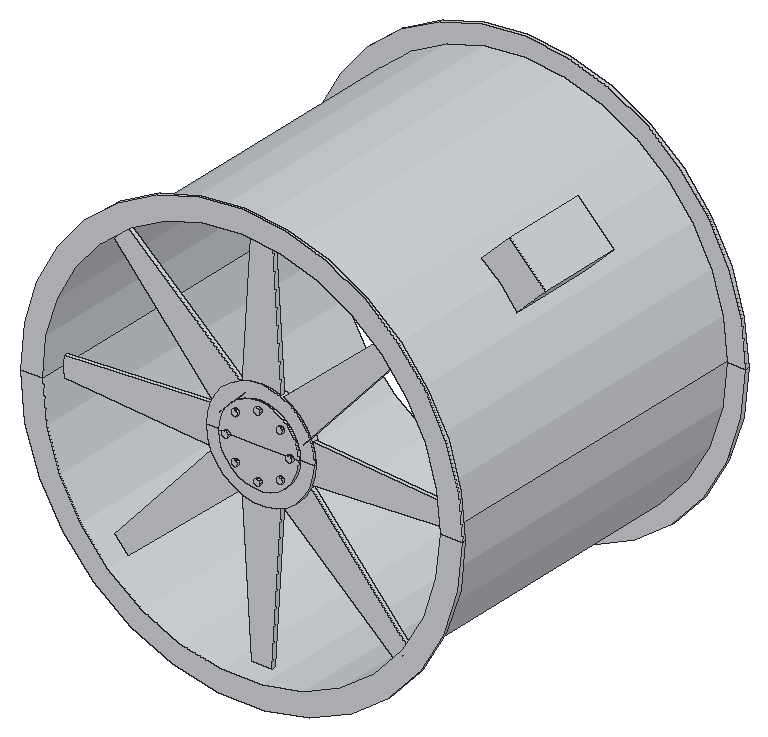
Revit family "CADS_Vent-Axia_MechEquip_Fan_LCA_630_3Ph4P - EXTRACT", category Mechanical Equipment, Revit 2020
Family settings
  Round Connector Dimension = Use Diameter
  Part Type = Normal
  OmniClass Number = 23.75.00.00
  OmniClass Title = Climate Control (HVAC)
  Work Plane-Based = No
  Always vertical = Yes
  Cut with Voids When Loaded = No
  Shared = No
  Room Calculation Point = No
Parameters (values of type "LCA633410")
  nr = NominalDiameter / 2  # 315 mm
  WorkingPressure = 0.0 Pa
  WarrantyStartDate [instance] = "1900-12-31T23:59:59"
  WarrantyPeriod = ""
  WarrantyIdentifier = "N/A"
  WarrantyGuarantorParts = "tech@vent-axia.com"
  WarrantyGuarantorLabor = "tech@vent-axia.com"
  WarrantyGuarantor = "Vent-Axia Limited"
  WarrantyEndDate [instance] = "1900-12-31T23:59:59"
  WarrantyContent = ""
  TemperatureRange = ""
  TagNumber [instance] = "N/A"
  SustainabilityPerformance = ""
  Status = "New"
  Size = ""
  Shape = ""
  ServiceLifeType = ""
  ServiceLifeDuration = ""
  SerialNumber [instance] = "N/A"
  ReplacementCost = ""
  RatedVoltage = 0 V
  RatedCurrent = 0 A
  Quantity = 1
  ProductionYear = ""
  PressureCurve = ""
  PowerFactor = ""
  PointOfContact = ""
  NumberOfPoles = 0
  NominalWidth = 630 mm
  NominalLength = 565 mm
  NominalHeight = 630 mm
  NominalFrequencyRange = ""
  NominalDiameter = 630 mm
  ModelReference = "LCAX 630mm 3PH 4P 10DEG"
  ModelNumber = "LCA633410"
  Material = ""
  ManufacturerE-Mail = "tech@vent-axia.com"
  ManufacturerAddress = "Fleming Way\nCrawley \nRH10 9YX"
  IsExtendedWarranty = no
  InsulationStandardClass = ""
  InstallationDate [instance] = "1900-12-31T23:59:59"
  IfcExportType [instance] = ""
  IfcExportAs = "IfcFanType"
  IP_Code = ""
  HasProtectiveEarth = no
  GrossWeight = 0.00 kg
  Grade = ""
  GlobalTradeItemNumber [instance] = "N/A"
  Fitting Type = "Ignore"
  Finish = ""
  Features = ""
  ExteriorInsulation = no
  ExpectedServiceLife = 0
  Exclusions = ""
  DurationUnit = "Year"
  Default Elevation = 0 mm
  Constituents = ""
  ConductorFunction = ""
  Color = ""
  CodePerformance = ""
  Category = ""
  CADS_Usage = 0
  CADS_Index = 0
  AssetType = "FIXED"
  AssetIdentifier [instance] = "N/A"
  AssemblyPlace = "UNKNOWN"
  ArticleNumber [instance] = "N/A"
  AirflowRateRange = 0.0 L/s
  Air Flow [instance] = 0.0 L/s
  AccessibilityPerformance = ""
Types (16, lengths in mm): name | ModelReference | ModelNumber
  LCA633410 | "LCAX 630mm 3PH 4P 10DEG" | "LCA633410"
  LCA633412 | "LCAX 630mm 3PH 4P 12DEG" | "LCA633412"
  LCA633414 | "LCAX 630mm 3PH 4P 14DEG" | "LCA633414"
  LCA633416 | "LCAX 630mm 3PH 4P 16DEG" | "LCA633416"
  LCA633418 | "LCAX 630mm 3PH 4P 18DEG" | "LCA633418"
  LCA633420 | "LCAX 630mm 3PH 4P 20DEG" | "LCA633420"
  LCA633422 | "LCAX 630mm 3PH 4P 22DEG" | "LCA633422"
  LCA633424 | "LCAX 630mm 3PH 4P 24DEG" | "LCA633424"
  LCA633426 | "LCAX 630mm 3PH 4P 26DEG" | "LCA633426"
  LCA633428 | "LCAX 630mm 3PH 4P 28DEG" | "LCA633428"
  LCA633430 | "LCAX 630mm 3PH 4P 30DEG" | "LCA633430"
  LCA633432 | "LCAX 630mm 3PH 4P 32DEG" | "LCA633432"
  LCA633434 | "LCAX 630mm 3PH 4P 34DEG" | "LCA633434"
  LCA633436 | "LCAX 630mm 3PH 4P 36DEG" | "LCA633436"
  LCA633438 | "LCAX 630mm 3PH 4P 38DEG" | "LCA633438"
  LCA633440 | "LCAX 630mm 3PH 4P 40DEG" | "LCA633440"
Reference planes
  plane 1 "Center (Front/Back)": y = 0
  plane 2: z = 0
  plane 3 "Center (Left/Right)": x = 0
  plane 4: x = -315
  plane 5: x = 315
  plane 6 "F": y = -282.5
  plane 7 "B": y = 282.5
  plane 8: x = -350
  plane 9: y = 277.5
  plane 10: y = -277.5
  plane 11: x = -320
  plane 12: y = -242.5
  plane 13 "top": z = 315
  plane 14: z = -315
  plane 15 "45deg": through (0, -1524, 0) normal (-0.7071, 0, -0.7071)
  plane 16 "C": through (0, -1524, 0) normal (-0.7071, 0, 0.7071)
Forms (mm)
  Revolve 1, solid
    sketch origin (0, 0, 0) x (1, 0, 0) y (0, 1, 0)
      loop
        line (-350, -282.5) -> (-315, -282.5) -> (-315, 282.5) -> (-350, 282.5) -> (-350, 277.5) -> (-320, 277.5) -> (-320, -277.5) -> (-350, -277.5) -> (-350, -282.5)
      axis (0, 282.5) -> (0, -282.5)
    angle from 0 to 360
  Sweep 2, solid
    path origin (0, 0, 0) x (1, 0, 0) y (0, 0, 1)
      loop
        line (222.739, 222.739) -> (268.701, 268.701)
    profile origin (245.72, 0, 245.72) x (-0.707107, 0, 0.707107) y (0, -1, 0)
      loop
        line (37.5, 55) -> (-42.73, 55) -> (-42.73, -79.5) -> (37.5, -79.5) -> (37.5, 55)
Dimensions and locks
  equal spacing: plane 4, plane 3 "Center (Left/Right)", plane 5
  equal spacing: plane 7 "B", plane 1 "Center (Front/Back)", plane 6 "F"
  "NominalLength": plane 7 "B" to plane 6 "F"
  "NominalDiameter": plane 4 to plane 5
  locked: plane 11 to plane 4 at 5
  locked: plane 8 to plane 11 at 30
  locked: plane 6 "F" to plane 10 at 5
  locked: plane 7 "B" to plane 9 at 5
  locked: plane 6 "F" to plane 12 at 40
  equal spacing: plane 13 "top", level, plane 14
  "NominalDiameter": plane 13 "top" to plane 14
  "nr": Sweep 2 sketch curve to nested 13
  Sweep 2 sketch curve to Sweep 2 sketch curve = 65 mm
  aligned and locked: level to plane 2
  aligned and locked: nested 1 to plane 12
Automatic sketch dimensions
  plane 6 "F" to Revolve 1 sketch curve = 0 mm
  Revolve 1 sketch curve to plane 8 = 0 mm  (x2)
  plane 10 to Revolve 1 sketch curve = 0 mm
  Revolve 1 sketch curve to plane 11 = 0 mm
  Revolve 1 sketch curve to plane 4 = 0 mm
  Revolve 1 sketch curve to plane 3 "Center (Left/Right)" = 0 mm
  plane 1 "Center (Front/Back)" to Revolve 1 sketch curve = 0 mm
  Revolve 1 sketch curve to plane 9 = 0 mm
  Revolve 1 sketch curve to plane 7 "B" = 0 mm
  plane 6 "F" to Revolve 1 sketch curve = 115 mm
  plane 1 "Center (Front/Back)" to Sweep 2 sketch curve = 55 mm
  Sweep 2 sketch curve to profile plane = 37.5 mm
  Sweep 2 sketch curve to Sweep 2 sketch curve = 80.23 mm
  Sweep 2 sketch curve to Sweep 2 sketch curve = 134.5 mm
  Sweep 2 sketch curve to plane 16 "C" = 0 mm  (x2)
Nested families
  nested 1: "Fan for ESC" at (0, -242.5, 0), ND <- "NominalDiameter", type "Fan for ESC"
    with hub 63 mm, ND 630 mm, BoltPCD 50.4 mm, Bolt Count 8, B_Diam 10 mm
  nested 2: "Bolts" at (0, -251.672, -50.4) x (-1, 0, 0) z (0, 1, 0), type "Bolts"
    with bd 10 mm
  nested 3: "Bolts" at (-35.638, -251.672, -35.638) x (-0.7071, 0, 0.7071) z (0, 1, 0), type "Bolts"
    with bd 10 mm
  nested 4: "Bolts" at (-50.4, -251.672, 0) x (0, 0, 1) z (0, 1, 0), type "Bolts"
    with bd 10 mm
  nested 5: "Bolts" at (-35.638, -251.672, 35.638) x (0.7071, 0, 0.7071) z (0, 1, 0), type "Bolts"
    with bd 10 mm
  nested 6: "Bolts" at (35.638, -251.672, 35.638) x (0.7071, 0, -0.7071) z (0, 1, 0), type "Bolts"
    with bd 10 mm
  nested 7: "Bolts" at (0, -251.672, 50.4) x (1, 0, 0) z (0, 1, 0), type "Bolts"
    with bd 10 mm
  nested 8: "ESC Blade" at (0, -242.5, 0), type "ESC Blade"
    with a 20.00°, HR 63 mm, HD 126 mm, BT 31.5 mm, BR 252 mm, BH 40 mm, BD 630 mm, BB 63 mm
  nested 9: "ESC Blade" at (0, -242.5, 0) x (0.7071, 0, -0.7071) z (0.7071, 0, 0.7071), type "ESC Blade"
    with a 20.00°, HR 63 mm, HD 126 mm, BT 31.5 mm, BR 252 mm, BH 40 mm, BD 630 mm, BB 63 mm
  nested 10: "ESC Blade" at (0, -242.5, 0) x (0, 0, -1) z (1, 0, 0), type "ESC Blade"
    with a 20.00°, HR 63 mm, HD 126 mm, BT 31.5 mm, BR 252 mm, BH 40 mm, BD 630 mm, BB 63 mm
  nested 11: "ESC Blade" at (0, -242.5, 0) x (-0.7071, 0, -0.7071) z (0.7071, 0, -0.7071), type "ESC Blade"
    with a 20.00°, HR 63 mm, HD 126 mm, BT 31.5 mm, BR 252 mm, BH 40 mm, BD 630 mm, BB 63 mm
  nested 12: "ESC Blade" at (0, -242.5, 0) x (-1, 0, 0) z (0, 0, -1), type "ESC Blade"
    with a 20.00°, HR 63 mm, HD 126 mm, BT 31.5 mm, BR 252 mm, BH 40 mm, BD 630 mm, BB 63 mm
  nested 13: "ESC Blade" at (0, -242.5, 0) x (-0.7071, 0, -0.7071) z (-0.7071, 0, 0.7071), type "ESC Blade"
    with a 20.00°, HR 63 mm, HD 126 mm, BT 31.5 mm, BR 252 mm, BH 40 mm, BD 630 mm, BB 63 mm
  nested 14: "ESC Blade" at (0, -242.5, 0) x (0, 0, -1) z (-1, 0, 0), type "ESC Blade"
    with a 20.00°, HR 63 mm, HD 126 mm, BT 31.5 mm, BR 252 mm, BH 40 mm, BD 630 mm, BB 63 mm
  nested 15: "ESC Blade" at (0, -242.5, 0) x (0.7071, 0, -0.7071) z (-0.7071, 0, -0.7071), type "ESC Blade"
    with a 20.00°, HR 63 mm, HD 126 mm, BT 31.5 mm, BR 252 mm, BH 40 mm, BD 630 mm, BB 63 mm
  nested 16: "Bolts" at (50.4, -251.672, 0) x (0, 0, -1) z (0, 1, 0), type "Bolts"
    with bd 10 mm
  nested 17: "Bolts" at (35.638, -251.672, -35.638) x (-0.7071, 0, -0.7071) z (0, 1, 0), type "Bolts"
    with bd 10 mm
Connectors
  hvac at (0, -282.5, 0), driven by "NominalDiameter", driven by "Air Flow"
    settings: on Revolve 1, index 1, duct flow 0.0 L/s, flow factor 0, pres drop 0.0 Pa, loss coef 0, conn angle 0.00°, conn width 304.8 mm, conn height 304.8 mm, conn diameter 630 mm, duct sys type 2, conn prof type 0, flow config 0, flow direction 1, loss method 0, conn ref index -1, conn util no, is conn primary yes, conn desc ""
  hvac at (0, 282.5, 0), driven by "NominalDiameter", driven by "Air Flow"
    settings: on Revolve 1, index 2, duct flow 0.0 L/s, flow factor 0, pres drop 0.0 Pa, loss coef 0, conn angle 0.00°, conn width 304.8 mm, conn height 304.8 mm, conn diameter 630 mm, duct sys type 3, conn prof type 0, flow config 1, flow direction 2, loss method 0, conn ref index -1, conn util no, is conn primary no, conn desc ""
Definition of nested family "Fan for ESC"
  Parameters (values of type "Fan for ESC")
    hub [instance] = ND / 10  # 56.7 mm
    ND [instance] = 567 mm
    Model = "."
    Default Elevation = 0 mm
    BoltPCD [instance] = hub - (hub * 0.2)  # 45.36 mm
    Bolt Count [instance] = if(hub < 50 mm, 6, 8)  # 8
    B_Diam [instance] = if(hub < 50 mm, 5 mm, 10 mm)  # 10 mm
  Reference planes
    plane 1 "Center (Front/Back)": y = 0
    plane 2: z = 0
    plane 3 "Center (Left/Right)": x = 0
    plane 4 "back": y = 20
    plane 5 "bolts": y = -9.172
    plane 6 "B": z = 56.7
    plane 7: x = -79.287
    plane 8: x = -56.7
    plane 9 "hubface": y = -6.172
  Forms (mm)
    Revolve 1, solid
      sketch origin (0, 0, 0) x (1, 0, 0) y (0, 1, 0)
        loop
          line (0, 20) -> (-56.7, 20) -> (-56.7, 10.504) -> (-79.287, 10.504) -> (-79.287, -2.597) -> (-56.7, -2.597) -> (-56.7, -6.172) -> (0, -6.172) -> (0, 20)
        axis (0, 20) -> (0, -6.172)
      angle from 0 to 360
    Extrusion 2, solid, not visible
      sketch origin (0, -6.347, -4) x (-1, 0, 0) y (0, 0, 1)
        loop
          circle (0, 84) r 5
      from 0 to 3
  Lines and regions (mm)
    symbolic lines
      curve 1: circle (0, -9.172, 0) r 45.36 normal (0, 1, 0)
    model lines, not visible
      curve 2: line (0, -6.347, 85) -> (0, -6.347, 75)
  Dimensions and locks
    "hub": plane 6 "B" to plane 2
    "hub": nested 3 to plane 3 "Center (Left/Right)"
    "hub": nested 4 to plane 3 "Center (Left/Right)"
    "hub": nested 5 to plane 3 "Center (Left/Right)"
    "hub": plane 3 "Center (Left/Right)" to nested 6
    "hub": Revolve 1 sketch curve to Revolve 1 sketch curve
    "hub": plane 3 "Center (Left/Right)" to nested 7
    "hub": plane 3 "Center (Left/Right)" to nested 8
    "hub": plane 3 "Center (Left/Right)" to nested 9
    "hub": plane 8 to plane 3 "Center (Left/Right)"
    plane 7 to plane 8 = 22.587 mm
    diameter of Extrusion 2 sketch curve = 10 mm
    "BoltPCD": radius of curve 1
    "BoltPCD": radius of radial array
    aligned and locked: level to plane 2
    aligned and locked: plane 6 "B" to nested 1
  Automatic sketch dimensions
    Revolve 1 sketch curve to plane 7 = 0 mm
    Revolve 1 sketch curve to plane 8 = 0 mm  (x2)
    Revolve 1 sketch curve to plane 3 "Center (Left/Right)" = 0 mm
    Revolve 1 sketch curve to plane 9 "hubface" = 0 mm
    plane 4 "back" to Revolve 1 sketch curve = 0 mm
    plane 1 "Center (Front/Back)" to Revolve 1 sketch curve = 2.597 mm
    plane 4 "back" to Revolve 1 sketch curve = 9.496 mm
    Revolve 1 sketch curve to Revolve 1 sketch curve = 5 mm
    Revolve 1 sketch curve to plane 4 "back" = 45 mm
    curve 1 to level = 0 mm
    curve 1 to plane 3 "Center (Left/Right)" = 0 mm
  Nested families
    nested 1: "ESC Blade" at (0, 0, 0), BD <- "ND", HD <- "hub", type "ESC Blade"
      with a 20.00°, HR 56.7 mm, HD 113.4 mm, BT 28.35 mm, BR 226.8 mm, BH 40 mm, BD 567 mm, BB 56.7 mm
    nested 2: "ESC Blade" at (0, 0, 755), BD <- "ND", HD <- "hub", type "ESC Blade", not visible
      with a 20.00°, HR 56.7 mm, HD 113.4 mm, BT 28.35 mm, BR 226.8 mm, BH 40 mm, BD 567 mm, BB 56.7 mm
    nested 3: "ESC Blade" at (0, 0, 0) x (0.7071, 0, -0.7071) z (0.7071, 0, 0.7071), BD <- "ND", HD <- "hub", type "ESC Blade"
      with a 20.00°, HR 56.7 mm, HD 113.4 mm, BT 28.35 mm, BR 226.8 mm, BH 40 mm, BD 567 mm, BB 56.7 mm
    nested 4: "ESC Blade" at (0, 0, 0) x (0, 0, -1) z (1, 0, 0), BD <- "ND", HD <- "hub", type "ESC Blade"
      with a 20.00°, HR 56.7 mm, HD 113.4 mm, BT 28.35 mm, BR 226.8 mm, BH 40 mm, BD 567 mm, BB 56.7 mm
    nested 5: "ESC Blade" at (0, 0, 0) x (-0.7071, 0, -0.7071) z (0.7071, 0, -0.7071), BD <- "ND", HD <- "hub", type "ESC Blade"
      with a 20.00°, HR 56.7 mm, HD 113.4 mm, BT 28.35 mm, BR 226.8 mm, BH 40 mm, BD 567 mm, BB 56.7 mm
    nested 6: "ESC Blade" at (0, 0, 0) x (-1, 0, 0) z (0, 0, -1), BD <- "ND", HD <- "hub", type "ESC Blade"
      with a 20.00°, HR 56.7 mm, HD 113.4 mm, BT 28.35 mm, BR 226.8 mm, BH 40 mm, BD 567 mm, BB 56.7 mm
    nested 7: "ESC Blade" at (0, 0, 0) x (-0.7071, 0, -0.7071) z (-0.7071, 0, 0.7071), BD <- "ND", HD <- "hub", type "ESC Blade"
      with a 20.00°, HR 56.7 mm, HD 113.4 mm, BT 28.35 mm, BR 226.8 mm, BH 40 mm, BD 567 mm, BB 56.7 mm
    nested 8: "ESC Blade" at (0, 0, 0) x (0, 0, -1) z (-1, 0, 0), BD <- "ND", HD <- "hub", type "ESC Blade"
      with a 20.00°, HR 56.7 mm, HD 113.4 mm, BT 28.35 mm, BR 226.8 mm, BH 40 mm, BD 567 mm, BB 56.7 mm
    nested 9: "ESC Blade" at (0, 0, 0) x (0.7071, 0, -0.7071) z (-0.7071, 0, -0.7071), BD <- "ND", HD <- "hub", type "ESC Blade"
      with a 20.00°, HR 56.7 mm, HD 113.4 mm, BT 28.35 mm, BR 226.8 mm, BH 40 mm, BD 567 mm, BB 56.7 mm
    nested 10: "Bolts" at (0, -9.172, 45.36) x (1, 0, 0) z (0, 1, 0), bd <- "B_Diam", type "Bolts"
      with bd 10 mm
    nested 11: "Bolts" at (32.074, -9.172, 32.074) x (0.7071, 0, -0.7071) z (0, 1, 0), bd <- "B_Diam", type "Bolts"
      with bd 10 mm
    nested 12: "Bolts" at (-32.074, -9.172, 32.074) x (0.7071, 0, 0.7071) z (0, 1, 0), bd <- "B_Diam", type "Bolts"
      with bd 10 mm
    nested 13: "Bolts" at (-45.36, -9.172, 0) x (0, 0, 1) z (0, 1, 0), bd <- "B_Diam", type "Bolts"
      with bd 10 mm
    nested 14: "Bolts" at (-32.074, -9.172, -32.074) x (-0.7071, 0, 0.7071) z (0, 1, 0), bd <- "B_Diam", type "Bolts"
      with bd 10 mm
    nested 15: "Bolts" at (0, -9.172, -45.36) x (-1, 0, 0) z (0, 1, 0), bd <- "B_Diam", type "Bolts"
      with bd 10 mm
    nested 16: "Bolts" at (32.074, -9.172, -32.074) x (-0.7071, 0, -0.7071) z (0, 1, 0), bd <- "B_Diam", type "Bolts"
      with bd 10 mm
    nested 17: "Bolts" at (45.36, -9.172, 0) x (0, 0, -1) z (0, 1, 0), bd <- "B_Diam", type "Bolts"
      with bd 10 mm
  Definition of nested family "ESC Blade"
    Parameters (values of type "ESC Blade")
      a [instance] = 20.00°
      HR [instance] = HD / 2  # 30 mm
      HD [instance] = BD / 5  # 60 mm
      Default Elevation = 1219.2 mm
      BT [instance] = BD / 20  # 15 mm
      BR [instance] = (BD / 2) - HR  # 120 mm
      BH [instance] = 40 mm
      BD [instance] = 300 mm
      BB [instance] = BD / 10  # 30 mm
    Reference planes
      plane 1 "Center (Front/Back)": y = 0
      plane 2: z = 0
      plane 3 "Center (Left/Right)": x = 0
      plane 4 "Blade Bot": z = 30
      plane 5: x = -15
      plane 6: x = 15
      plane 7: x = -7.5
      plane 8: x = 7.5
    Forms (mm)
      Blend 1, solid
        base sketch origin (0, 0, 30) x (-1, 0, 0) y (0, -1, 0)
          loop
            line (15, 0) -> (-15, 0) -> (-15, -6) -> (15, -6) -> (15, 0)
        top sketch origin (0, 0, 30) x (-1, 0, 0) y (0, -1, 0)
          loop
            line (7.5, -6) -> (7.5, 0) -> (-7.5, 0) -> (-7.5, -6) -> (7.5, -6)
        from 0 to 120 <- "BR"
    Dimensions and locks
      "HR": plane 4 "Blade Bot" to level
      equal spacing: plane 8, plane 3 "Center (Left/Right)", plane 7
      "BT": plane 8 to plane 7
      equal spacing: plane 6, plane 3 "Center (Left/Right)", plane 5
      "BB": plane 6 to plane 5
      aligned and locked: level to plane 2
    Automatic sketch dimensions
      plane 1 "Center (Front/Back)" to Blend 1 sketch curve = 0 mm  (x2)
      Blend 1 sketch curve to plane 6 = 0 mm
      Blend 1 sketch curve to plane 5 = 0 mm
      Blend 1 sketch curve to plane 1 "Center (Front/Back)" = 6 mm  (x2)
      Blend 1 sketch curve to plane 8 = 0 mm
      Blend 1 sketch curve to plane 7 = 0 mm
  Definition of nested family "Bolts"
    Parameters
      bd [instance] = 10 mm
      Default Elevation = 1219.2 mm
    Reference planes
      plane 1 "Center (Front/Back)": y = 0
      plane 2: z = 0
      plane 3 "Center (Left/Right)": x = 0
    Forms (mm)
      Extrusion 1, solid
        sketch origin (0, 0, 0) x (1, 0, 0) y (0, 1, 0)
          loop
            line (-1219.2, 1219.2) -> (-1219.2, -1219.2) -> (1219.2, -1219.2) -> (1219.2, 1219.2) -> (-1219.2, 1219.2)
        from 0 to -304.8
      Extrusion 2, solid
        sketch origin (0, 0, 0) x (1, 0, 0) y (0, 1, 0)
          loop
            circle (0, 0) r 5
        from 0 to 3
    Dimensions and locks
      "bd": diameter of Extrusion 2 sketch curve
      aligned and locked: plane 2 to Extrusion 1
      aligned and locked: level to Extrusion 1
    Automatic sketch dimensions
      Extrusion 1 sketch curve to Extrusion 1 sketch curve = 2438.4 mm  (x2)
      plane 1 "Center (Front/Back)" to Extrusion 2 sketch curve = 0 mm
      Extrusion 2 sketch curve to plane 3 "Center (Left/Right)" = 0 mm
Definition of nested family "Bolts"
  Parameters
    bd [instance] = 10 mm
    Default Elevation = 1219.2 mm
  Reference planes
    plane 1 "Center (Front/Back)": y = 0
    plane 2: z = 0
    plane 3 "Center (Left/Right)": x = 0
  Forms (mm)
    Extrusion 1, solid
      sketch origin (0, 0, 0) x (1, 0, 0) y (0, 1, 0)
        loop
          line (-1219.2, 1219.2) -> (-1219.2, -1219.2) -> (1219.2, -1219.2) -> (1219.2, 1219.2) -> (-1219.2, 1219.2)
      from 0 to -304.8
    Extrusion 2, solid
      sketch origin (0, 0, 0) x (1, 0, 0) y (0, 1, 0)
        loop
          circle (0, 0) r 5
      from 0 to 3
  Dimensions and locks
    "bd": diameter of Extrusion 2 sketch curve
    aligned and locked: plane 2 to Extrusion 1
    aligned and locked: level to Extrusion 1
  Automatic sketch dimensions
    Extrusion 1 sketch curve to Extrusion 1 sketch curve = 2438.4 mm  (x2)
    plane 1 "Center (Front/Back)" to Extrusion 2 sketch curve = 0 mm
    Extrusion 2 sketch curve to plane 3 "Center (Left/Right)" = 0 mm
Definition of nested family "ESC Blade"
  Parameters (values of type "ESC Blade")
    a [instance] = 20.00°
    HR [instance] = HD / 2  # 30 mm
    HD [instance] = BD / 5  # 60 mm
    Default Elevation = 1219.2 mm
    BT [instance] = BD / 20  # 15 mm
    BR [instance] = (BD / 2) - HR  # 120 mm
    BH [instance] = 40 mm
    BD [instance] = 300 mm
    BB [instance] = BD / 10  # 30 mm
  Reference planes
    plane 1 "Center (Front/Back)": y = 0
    plane 2: z = 0
    plane 3 "Center (Left/Right)": x = 0
    plane 4 "Blade Bot": z = 30
    plane 5: x = -15
    plane 6: x = 15
    plane 7: x = -7.5
    plane 8: x = 7.5
  Forms (mm)
    Blend 1, solid
      base sketch origin (0, 0, 30) x (-1, 0, 0) y (0, -1, 0)
        loop
          line (15, 0) -> (-15, 0) -> (-15, -6) -> (15, -6) -> (15, 0)
      top sketch origin (0, 0, 30) x (-1, 0, 0) y (0, -1, 0)
        loop
          line (7.5, -6) -> (7.5, 0) -> (-7.5, 0) -> (-7.5, -6) -> (7.5, -6)
      from 0 to 120 <- "BR"
  Dimensions and locks
    "HR": plane 4 "Blade Bot" to level
    equal spacing: plane 8, plane 3 "Center (Left/Right)", plane 7
    "BT": plane 8 to plane 7
    equal spacing: plane 6, plane 3 "Center (Left/Right)", plane 5
    "BB": plane 6 to plane 5
    aligned and locked: level to plane 2
  Automatic sketch dimensions
    plane 1 "Center (Front/Back)" to Blend 1 sketch curve = 0 mm  (x2)
    Blend 1 sketch curve to plane 6 = 0 mm
    Blend 1 sketch curve to plane 5 = 0 mm
    Blend 1 sketch curve to plane 1 "Center (Front/Back)" = 6 mm  (x2)
    Blend 1 sketch curve to plane 8 = 0 mm
    Blend 1 sketch curve to plane 7 = 0 mm
